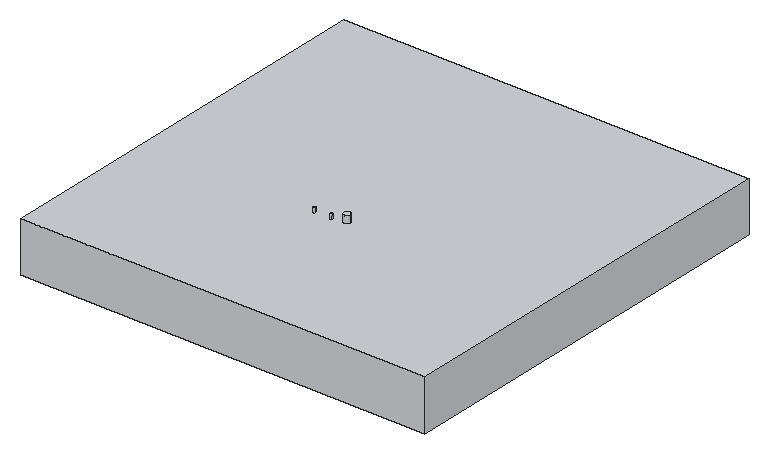
Revit family
Parameters (values of type "WH3740BAR")
  Waste Connection = yes
  WH3375L-SO-BAT- Battery Powered, Sensor Operated Spout, Electronic Valve, Single Temp = ""
  WH3375L-SO-  Sensor Operated Spout, Electronic Valve, Single Temp = ""
  WH3374L-PPZ-  Electronic Valve w/ Piezo Button, H&C = ""
  WH33740BAR-  MODEL = ""
  WH3373L- Air-Control, Single Temp, Meter, Conical Spray head & Push buttons = no
  WH3373L-PPZ  Electronic Valve w/ Piezo Button,  Single Temp = no
  WH3373L-WSF-SO  Sensor Operated Electronic Valve, Single Temp = yes
  WH3374L- Air Control, H & C, Metering w/ Conical Sprayhead & Pushbuttons = yes
  Voltage = 0
  Vent Connection = no
  URL = "http://www.whitehallmfg.com"
  Type Comments = ""
  Tempered Water Connection = no
  Revised Date = "03/22/17"
  Phone # = "626-336-4561"
  Model = "WH3740BAR"
  Material = Type 304 Stainless Steel
  Manufacturer = "Acorn Engineering"
  MXTP-  Temperature-Pressure Balancing Mixing Valve ( ASSE 1070 Compliant) = ""
  MC- Mounting Carrier = no
  MC-  Mounting Carrier = ""
  HW Connection = yes
  Designed By = "ACORN DESIGN BIM TEAM"
  Description = "Whitehall ADA Compliant Bariatric Stainless Steel Basin Powder Coated White"
  Default Elevation = 34"
  CW Connection = yes
  BAT-  Battery Powered = ""
  Assembly Code = ""
  Amperage = 0
  9-  Punched for Valve by Others (-H34 Three 1-5/16" Diameter Holes 4" Centerset) = ""
Reference planes (in)
  plane 1 "Center (Front/Back)": y = 0
  plane 2: z = 0
  plane 3 "Center (Left/Right)": x = 0
  plane 4: z = 12.5
  plane 5: x = 9
  plane 6: x = -9
  plane 7: y = 4
Forms (in)
  Extrusion 1, solid
    sketch origin (0, 0, 0) x (1, 0, 0) y (0, 1, 0)
      loop
        line (-48, 48) -> (-48, -48) -> (48, -48) -> (48, 48) -> (-48, 48)
    from 0 to -12
  Extrusion 2, solid
    sketch origin (0, 0, 0) x (1, 0, 0) y (0, 1, 0)
      loop
        circle (-0.00392, -11.00866) r 0.75
    from 0 to 1.59459
  Extrusion 3, solid
    sketch origin (0, 0, 0) x (1, 0, 0) y (0, 1, 0)
      loop
        circle (-6.99978, -12.00866) r 0.25
      loop
        circle (-3, -12.00866) r 0.25
    from 0 to 1
Lines and regions (in)
  model lines
    curve 1: line (0.74608, -11.00866, 0) -> (15.99608, -11.00866, 0)
    curve 3: line (-10.44161, -1.99313, 0) -> (-11.79525, -1.99313, 0)
  symbolic lines
    curve 2: line (0, -3.98112, 22.63108) -> (0, -13.98112, 22.63108)
    curve 4: line (-10.4274, -9.98742, 0) -> (-12.6774, -9.98742, 0)
Dimensions and locks (in)
  plane 2 to plane 4 = 12 1/2"
  plane 5 to plane 6 = 18"
  plane 7 to plane 1 "Center (Front/Back)" = 4"
  curve 1 to plane 1 "Center (Front/Back)" = 11.00866"
  plane 1 "Center (Front/Back)" to plane 7 = 4"
  curve 2 to Extrusion 1 = 22.63108"
  curve 3 to plane 1 "Center (Front/Back)" = 1.99313"
  curve 3 to curve 4 = 7.99429"
  Extrusion 3 sketch curve to plane 3 "Center (Left/Right)" = 3"
  Extrusion 3 sketch curve to Extrusion 3 sketch curve = 3.99978"
  aligned and locked: plane 2 to Extrusion 1
  aligned and locked: level to Extrusion 1
Connectors (in)
  piping at (-0.00392, -11.00866, 0)
    settings: on Extrusion 2, index 1
  piping at (-3, -12.00866, 1)
    settings: on Extrusion 3, index 2
  piping at (-6.99978, -12.00866, 1)
    settings: on Extrusion 3, index 3
